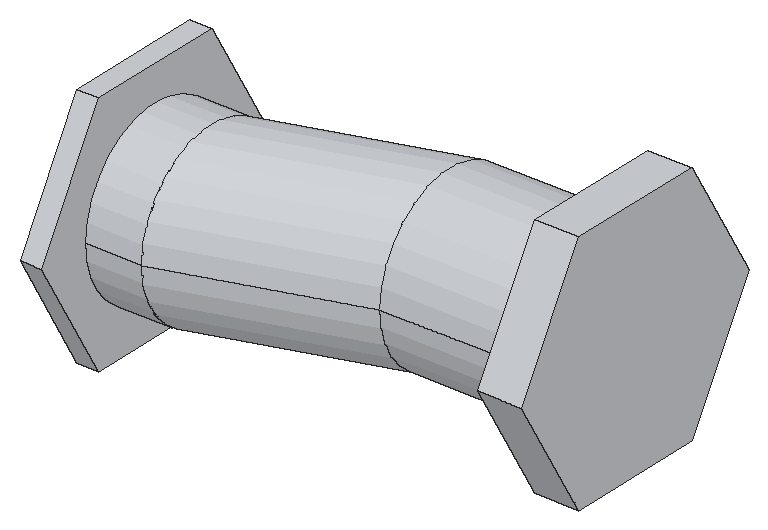
Revit family "b6f5876d05e74b97a1ad0de6515309ab", category Conduit Fittings, Revit 2021
Family settings
  Round Connector Dimension = Use Radius
  Part Type = Multi Port
  OmniClass Number = 23.80.30.17.11
  OmniClass Title = Conduits
  Work Plane-Based = No
  Always vertical = Yes
  Cut with Voids When Loaded = No
  Shared = No
Parameters (values of type "Standard")
  Thread Length [instance] = 0.2 * Length  # 0.4625"
  Offset [instance] = 1/4"
  Nut Thickness 2 [instance] = Fitting Outside Radius / 2  # 23/128"
  Nut Thickness 1 [instance] = Fitting Outside Radius / 4  # 23/256"
  Nut Flat Size [instance] = size_lookup(Conduit Size Lookup, "NFS", 1.16 * Nominal Diameter + 87/256", Nominal Diameter)  # 1"
  Nominal Radius [instance] = 1/4"
  Nominal Diameter [instance] = Nominal Radius * 2  # 1/2"
  Length 2 [instance] = 5' 0" + Offset  # 60 1/4"
  Length 6 [instance] = Length / 3  # 0.77083"
  Length 5 [instance] = 0.1 * Length  # 0.23125"
  Length 4 [instance] = Length 7 * cos(30.00°)  # 1/2"
  Length 3 [instance] = Length 7 * sin(30.00°)  # 0.28868"
  Length 7 [instance] = Nut Flat Size / (2 * cos(30.00°))  # 0.57735"
  Length 1 [instance] = Length - Thread Length  # 1.85"
  Fitting Outside Radius [instance] = Fitting Outside Diameter / 2  # 23/64"
  Fitting Outside Diameter [instance] = size_lookup(Conduit Size Lookup, "FOD", 1.11 * Nominal Diameter + 13/128", Nominal Diameter)  # 23/32"
  Length [instance] = size_lookup(Conduit Size Lookup, "Lgt", 1.52 * Nominal Diameter + 1 113/128", Nominal Diameter)  # 2 5/16"
  Default Elevation = 0' - 0"
  Conduit Size Lookup = "Conduit Offset - Compression - Die Cast Zinc"
Reference planes (in)
  plane 1 "Center (Front/Back)": y = 0
  plane 2: z = 0
  plane 3 "Center (Left/Right)": x = 0
  plane 4: x = 0.08984
  plane 5: y = 0.57735
  plane 6: y = -0.57735
  plane 7: y = 0.28868
  plane 8: y = -0.28868
  plane 9: z = 0.5
  plane 10: z = -0.5
  plane 11: x = 1.85
  plane 12: z = 0.57735
  plane 13: z = 1.34818
  plane 14: x = 0.32109
  plane 15: x = 1.09193
  plane 16: y = 0.25
  plane 17: x = 1.67031
  plane 18: y = 0.82735
  plane 19: y = -0.32735
  plane 20: y = 0.53868
  plane 21: y = -0.03868
  plane 22: y = -60
Forms (in)
  Extrusion 1, solid, detail levels fine
    sketch origin (0, 0, 0) x (0, 1, 0) y (0, 0, 1)
      loop
        line (0.28868, 0.5) -> (-0.28868, 0.5) -> (-0.57735, 0) -> (-0.28868, -0.5) -> (0.28868, -0.5) -> (0.57735, 0) -> (0.28868, 0.5)
    from 0 to 0.08984
  Extrusion 2, solid, detail levels fine
    sketch origin (1.67031, 1.01935, 48) x (0, 1, 0) y (0, 0, 1)
      loop
        line (-1.05802, -47.5) -> (-1.3467, -48) -> (-1.05802, -48.5) -> (-0.48067, -48.5) -> (-0.192, -48) -> (-0.48067, -47.5) -> (-1.05802, -47.5)
    from 0 to 0.17969
  Sweep 3, solid, detail levels fine
    path in 3D
      loop
        line (0, 0, 0) -> (0.08984, 0, 0)
    profile origin (0.04492, 0, 0) x (0, 1, 0) y (0, 0, 1)
      loop
        circle (0, 0) r 0.125
  Sweep 4, solid, detail levels fine
    path in 3D
      loop
        line (1.67031, 0.25, 0) -> (1.85, 0.25, 0)
    profile origin (1.76016, 0.25, 0) x (0, 1, 0) y (0, 0, 1)
      loop
        circle (0, 0) r 0.125
  Sweep 5, solid, detail levels fine
    path in 3D
      loop
        line (0.08984, 0, 0) -> (0.32109, 0, 0)
    profile origin (0.20547, 0, 0) x (0, 1, 0) y (0, 0, 1)
      loop
        circle (0, 0) r 0.35938
  Sweep 6, solid, detail levels fine
    path in 3D
      loop
        line (1.09193, 0.25, 0) -> (1.67031, 0.25, 0)
    profile origin (1.38112, 0.25, 0) x (0, 1, 0) y (0, 0, 1)
      loop
        circle (0, 0) r 0.35938
  Blend 7, solid, detail levels fine
    base sketch origin (0.32109, 1.01935, 48) x (0, 1, 0) y (0, 0, 1)
      loop
        circle (-0.76935, -48) r 0.35938
    top sketch origin (0.32109, 1.01935, 48) x (0, 1, 0) y (0, 0, 1)
      loop
        circle (-1.01935, -48) r 0.35938
    from 0.77083 to 0
Cuts and joins
  joined: Extrusion 1, Extrusion 2, Sweep 3, Sweep 4, Sweep 5, Sweep 6, Blend 7
Lines and regions (in)
  model lines, detail levels coarse+medium
    curve 1: line (0, 0, 0) -> (0.08984, 0, 0)
    curve 2: line (0.08984, 0, 0) -> (0.32109, 0, 0)
    curve 3: line (0.32109, 0, 0) -> (1.09193, 0.25, 0)
    curve 4: line (1.09193, 0.25, 0) -> (1.67031, 0.25, 0)
    curve 5: line (1.67031, 0.25, 0) -> (1.85, 0.25, 0)
  sketch lines
    curve 6: line (0, 0, 0) -> (0.08984, 0, 0)
    curve 7: line (1.67031, 0.25, 0) -> (1.85, 0.25, 0)
    curve 8: line (0.08984, 0, 0) -> (0.32109, 0, 0)
    curve 9: line (1.09193, 0.25, 0) -> (1.67031, 0.25, 0)
Dimensions and locks (in)
  "Nut Thickness 1": plane 3 "Center (Left/Right)" to plane 4
  "Length 7": plane 5 to plane 1 "Center (Front/Back)"
  equal spacing: plane 5, plane 1 "Center (Front/Back)", plane 6
  "Length 3": plane 7 to plane 1 "Center (Front/Back)"
  equal spacing: plane 7, plane 1 "Center (Front/Back)", plane 8
  "Length 4": plane 9 to plane 2
  equal spacing: plane 9, plane 2, plane 10
  "Length 4": Extrusion 1 sketch curve to plane 2
  "Length 4": plane 1 "Center (Front/Back)" to Extrusion 1 sketch curve
  "Length 4": Extrusion 1 sketch curve to plane 1 "Center (Front/Back)"
  "Length 1": plane 3 "Center (Left/Right)" to plane 11
  "Length 7": plane 12 to plane 2
  "Length 6": plane 13 to plane 12
  "Length 5": plane 4 to plane 14
  "Length 6": plane 14 to plane 15
  "Length 7": plane 18 to plane 16
  equal spacing: plane 18, plane 16, plane 19
  "Length 3": plane 20 to plane 16
  equal spacing: plane 20, plane 16, plane 21
  "Nut Thickness 2": plane 17 to plane 11
  locked: plane 1 "Center (Front/Back)" to plane 22 at 60
  "Length 2": plane 16 to plane 22
  radius of Sweep 3 sketch curve = 0' - 0 1/8"
  radius of Sweep 4 sketch curve = 0' - 0 1/8"
  "Fitting Outside Radius": radius of Sweep 5 sketch curve
  "Fitting Outside Radius": radius of Sweep 6 sketch curve
  "Fitting Outside Radius": radius of Blend 7 sketch curve  (x2)
  aligned and locked: plane 7 to Extrusion 1 sketch curve
  aligned and locked: Extrusion 1 sketch curve to plane 9
  aligned and locked: plane 8 to Extrusion 1 sketch curve  (x2)
  aligned and locked: plane 10 to Extrusion 1 sketch curve  (x2)
  aligned and locked: plane 2 to Extrusion 1 sketch curve
  aligned and locked: plane 6 to Extrusion 1 sketch curve
  aligned and locked: plane 5 to Extrusion 1 sketch curve
  aligned and locked: Extrusion 1 to plane 3 "Center (Left/Right)"
  aligned and locked: plane 4 to Extrusion 1
  aligned and locked: plane 3 "Center (Left/Right)" to curve 1
  aligned and locked: plane 1 "Center (Front/Back)" to curve 1
  aligned and locked: plane 4 to curve 2
  aligned and locked: plane 1 "Center (Front/Back)" to curve 2
  aligned and locked: plane 1 "Center (Front/Back)" to curve 3
  aligned and locked: plane 14 to curve 3
  aligned and locked: plane 15 to curve 3
  aligned and locked: curve 4 to plane 16
  aligned and locked: plane 17 to curve 5
  aligned and locked: plane 11 to curve 5
  aligned and locked: curve 5 to plane 16
  aligned and locked: plane 9 to Extrusion 2 sketch curve  (x2)
  aligned and locked: plane 10 to Extrusion 2 sketch curve  (x2)
  aligned and locked: plane 2 to Extrusion 2 sketch curve  (x2)
  aligned and locked: plane 19 to Extrusion 2 sketch curve
  aligned and locked: plane 20 to Extrusion 2 sketch curve  (x2)
  aligned and locked: plane 21 to Extrusion 2 sketch curve  (x2)
  aligned and locked: plane 18 to Extrusion 2 sketch curve
  aligned and locked: Extrusion 2 to plane 17
  aligned and locked: plane 11 to Extrusion 2
  aligned and locked: plane 1 "Center (Front/Back)" to Sweep 5 sketch curve
  aligned and locked: plane 2 to Sweep 5 sketch curve
  aligned and locked: plane 16 to Sweep 6 sketch curve
  aligned and locked: plane 2 to Sweep 6 sketch curve
  aligned and locked: plane 16 to Blend 7 sketch curve
  aligned and locked: plane 2 to Blend 7 sketch curve  (x2)
  aligned and locked: plane 1 "Center (Front/Back)" to Blend 7 sketch curve
  aligned and locked: Blend 7 to plane 14
  aligned and locked: plane 15 to Blend 7
Automatic sketch dimensions
  Sweep 3 sketch curve to profile plane = 0' - 0"  (x2)
  Sweep 4 sketch curve to profile plane = 0' - 0"  (x2)
Connectors (in)
  cabletrayconduit at (0, 0, 0), diameter 0.5, driven by "Nominal Radius"
    settings: on Sweep 3, index 1, connector width 1' - 0", connector height 1' - 0", connector angle 0.00°, system type 32, placement type 0, profile type 0, connector reference index 2, is primary connector yes, connector utility param no, connector description ""
  cabletrayconduit at (1.85, 0.25, 0), diameter 0.5, driven by "Nominal Radius"
    settings: on Sweep 4, index 2, connector width 1' - 0", connector height 1' - 0", connector angle 0.00°, system type 32, placement type 0, profile type 0, connector reference index 1, is primary connector no, connector utility param no, connector description ""
